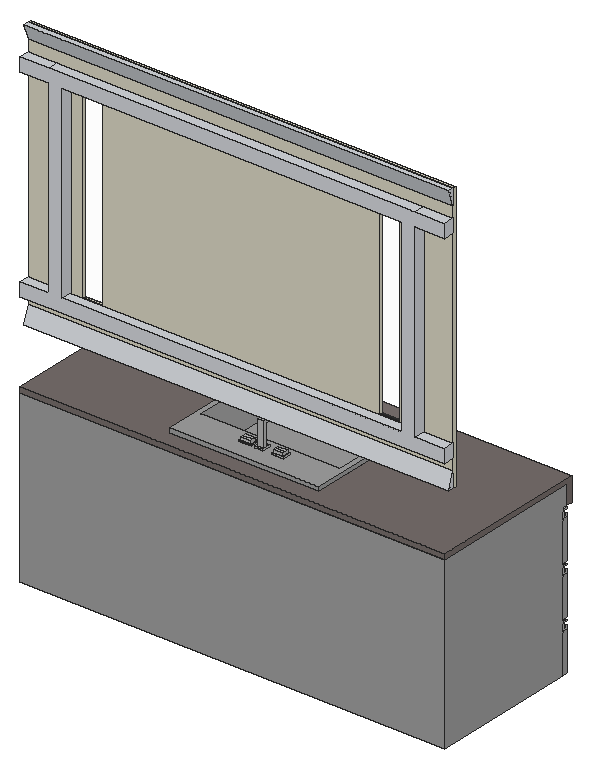
Revit family
Parameters
  Assembly Code = ""
Reference planes (m)
  plane 1 "começo móvel / parede": y = 0
  plane 2: z = 0
  plane 3 "Center (Left/Right)": x = 0
  plane 4 "direita": x = 0.79
  plane 5 "esquerda": x = -0.79
  plane 6 "fim granito": y = 0.59
  plane 7 "começo elevação": z = 0.2
  plane 8 "base granito": z = 0.76
  plane 9 "topo granito": z = 0.85
  plane 10 "fim elevação": z = 0.83
  plane 11 "fim móvel": y = 0.57
  plane 12 "fim buraco": x = -0.2635
  plane 13 "começo buraco": x = 0.2635
  plane 14 "começo gaveta": y = 0.55
  plane 15 "base cuba": z = 0.73
  plane 16 "espelho": y = 0.04
  plane 17 "base espelho": z = 1.05
  plane 18 "topo espelho": z = 2.05
Forms (m)
  Extrusion 1, solid, material "branco"
    sketch origin (0.79, 0, 0) x (0, -1, 0) y (0, 0, 1)
      loop
        line (0, 0.2) -> (0, 0.83) -> (-0.57, 0.83) -> (-0.57, 0.76) -> (-0.55, 0.76) -> (-0.55, 0.2) -> (0, 0.2)
    from 0 to 1.58
  Extrusion 2, void
    sketch origin (-0.2635, 0, 0) x (0, 0, -1) y (0, 1, 0)
      loop
        line (-0.76, 0.55) -> (-0.76, 0.037661) -> (-0.22, 0.037661) -> (-0.22, 0.55) -> (-0.76, 0.55)
    from 0 to 0.527
  Extrusion 3, solid, material "branco"
    sketch origin (0.79, 0, 0) x (0, -1, 0) y (0, 0, 1)
      loop
        line (-0.55, 0.574) -> (-0.55, 0.723309) -> (-0.57, 0.723309) -> (-0.57, 0.574) -> (-0.55, 0.574)
      loop
        line (-0.55, 0.387) -> (-0.55, 0.536309) -> (-0.57, 0.536309) -> (-0.57, 0.387) -> (-0.55, 0.387)
      loop
        line (-0.55, 0.2) -> (-0.55, 0.349309) -> (-0.57, 0.349309) -> (-0.57, 0.2) -> (-0.55, 0.2)
    from 0 to 0.527
  Extrusion 4, solid, material "branco"
    sketch origin (-0.263, 0, 0) x (0, -1, 0) y (0, 0, 1)
      loop
        line (-0.55, 0.574) -> (-0.55, 0.723309) -> (-0.57, 0.723309) -> (-0.57, 0.574) -> (-0.55, 0.574)
      loop
        line (-0.55, 0.387) -> (-0.55, 0.536309) -> (-0.57, 0.536309) -> (-0.57, 0.387) -> (-0.55, 0.387)
      loop
        line (-0.55, 0.2) -> (-0.55, 0.349309) -> (-0.57, 0.349309) -> (-0.57, 0.2) -> (-0.55, 0.2)
    from 0 to 0.527
  Extrusion 5, solid, material "metal"
    sketch origin (0.79, 0, 0) x (0, -1, 0) y (0, 0, 1)
      loop
        line (-0.57, 0.349309) -> (-0.55, 0.349309) -> (-0.55, 0.379309) -> (-0.57, 0.379309) -> (-0.57, 0.374309) -> (-0.555, 0.374309) -> (-0.555, 0.354309) -> (-0.565, 0.354309) -> (-0.565, 0.36) -> (-0.57, 0.36) -> (-0.57, 0.354309) -> (-0.57, 0.349309)
      loop
        line (-0.57, 0.536309) -> (-0.55, 0.536309) -> (-0.55, 0.566309) -> (-0.57, 0.566309) -> (-0.57, 0.561309) -> (-0.555, 0.561309) -> (-0.555, 0.541309) -> (-0.565, 0.541309) -> (-0.565, 0.547) -> (-0.57, 0.547) -> (-0.57, 0.541309) -> (-0.57, 0.536309)
      loop
        line (-0.57, 0.723309) -> (-0.55, 0.723309) -> (-0.55, 0.753309) -> (-0.57, 0.753309) -> (-0.57, 0.748309) -> (-0.555, 0.748309) -> (-0.555, 0.728309) -> (-0.565, 0.728309) -> (-0.565, 0.734) -> (-0.57, 0.734) -> (-0.57, 0.728309) -> (-0.57, 0.723309)
    from 0 to 0.527
  Extrusion 6, solid, material "metal"
    sketch origin (-0.263, 0, 0) x (0, -1, 0) y (0, 0, 1)
      loop
        line (-0.57, 0.349309) -> (-0.55, 0.349309) -> (-0.55, 0.379309) -> (-0.57, 0.379309) -> (-0.57, 0.374309) -> (-0.555, 0.374309) -> (-0.555, 0.354309) -> (-0.565, 0.354309) -> (-0.565, 0.36) -> (-0.57, 0.36) -> (-0.57, 0.354309) -> (-0.57, 0.349309)
      loop
        line (-0.57, 0.536309) -> (-0.55, 0.536309) -> (-0.55, 0.566309) -> (-0.57, 0.566309) -> (-0.57, 0.561309) -> (-0.555, 0.561309) -> (-0.555, 0.541309) -> (-0.565, 0.541309) -> (-0.565, 0.547) -> (-0.57, 0.547) -> (-0.57, 0.541309) -> (-0.57, 0.536309)
      loop
        line (-0.57, 0.723309) -> (-0.55, 0.723309) -> (-0.55, 0.753309) -> (-0.57, 0.753309) -> (-0.57, 0.748309) -> (-0.555, 0.748309) -> (-0.555, 0.728309) -> (-0.565, 0.728309) -> (-0.565, 0.734) -> (-0.57, 0.734) -> (-0.57, 0.728309) -> (-0.57, 0.723309)
    from 0 to 0.527
  Extrusion 7, solid, material "branco"
    sketch origin (-0.005, 0.575, 0.85) x (1, 0, 0) y (0, 1, 0)
      loop
        line (0.28, -0.515) -> (0.28, -0.06) -> (-0.275, -0.06) -> (-0.275, -0.515) -> (0.28, -0.515)
      loop
        line (0.265, -0.395) -> (0.265, -0.075) -> (-0.26, -0.075) -> (-0.26, -0.395) -> (0.265, -0.395)
    from 0 to 0.015
  Blend 8, solid, material "branco"
    base sketch origin (0, 0, 0.73) x (-1, 0, 0) y (0, -1, 0)
      loop
        line (0.245, -0.48) -> (0.245, -0.18) -> (-0.24, -0.18) -> (-0.24, -0.48) -> (0.245, -0.48)
    top sketch origin (0, 0, 0.73) x (-1, 0, 0) y (0, -1, 0)
      loop
        line (0.28, -0.515) -> (0.28, -0.18) -> (-0.275, -0.18) -> (-0.275, -0.515) -> (0.28, -0.515)
    from 0 to 0.135
  Blend 9, void
    base sketch origin (0, 0, 0.73) x (-1, 0, 0) y (0, -1, 0)
      loop
        line (0.245, -0.48) -> (0.245, -0.18) -> (-0.24, -0.18) -> (-0.24, -0.48) -> (0.245, -0.48)
    top sketch origin (0, 0, 0.73) x (-1, 0, 0) y (0, -1, 0)
      loop
        line (0.265, -0.5) -> (0.265, -0.18) -> (-0.26, -0.18) -> (-0.26, -0.5) -> (0.265, -0.5)
    from 0 to 0.156598
  Extrusion 10, solid, material "metal 2"
    sketch origin (0, 0, 0.83) x (-1, 0, 0) y (0, -1, 0)
      loop
        line (-0.79, 0) -> (-0.79, -0.59) -> (0.79, -0.59) -> (0.79, 0) -> (-0.79, 0)
      loop
        line (-0.275, -0.18) -> (-0.275, -0.515) -> (0.28, -0.515) -> (0.28, -0.18) -> (-0.275, -0.18)
    from 0 to 0.02
  Extrusion 11, solid, material "metal 2"
    sketch origin (0.79, 0, 0) x (0, -1, 0) y (0, 0, 1)
      loop
        line (-0.57, 0.76) -> (-0.57, 0.83) -> (-0.59, 0.83) -> (-0.59, 0.76) -> (-0.57, 0.76)
    from 0 to 1.58
  Extrusion 12, solid, material "branco"
    sketch origin (0.79, 0, 0) x (0, -1, 0) y (0, 0, 1)
      loop
        line (-0.092831, 0.738544) -> (-0.482215, 0.738544) -> (-0.48, 0.73) -> (-0.095049, 0.73) -> (-0.092831, 0.738544)
    from 0.547996 to 1.034951
  Extrusion 13, solid, material "metal"
    sketch origin (0, 0.03, 0.85) x (-1, 0, 0) y (0, -1, 0)
      loop
        line (0, -0.095) -> (-0.015, -0.095) -> (-0.015, -0.125) -> (0.015, -0.125) -> (0.015, -0.095) -> (0, -0.095)
      loop
        line (0.06, -0.095) -> (0.029551, -0.095) -> (0.029551, -0.125) -> (0.075, -0.125) -> (0.075, -0.095) -> (0.06, -0.095)
      loop
        line (-0.06, -0.095) -> (-0.090072, -0.095) -> (-0.090072, -0.125) -> (-0.045, -0.125) -> (-0.045, -0.095) -> (-0.06, -0.095)
    from 0.015 to 0.02
  Extrusion 14, solid, material "metal"
    sketch origin (-0.01, 0.03, 0) x (0, 1, 0) y (0, 0, 1)
      loop
        line (0.103, 0.96) -> (0.103, 0.87) -> (0.113, 0.87) -> (0.113, 0.95) -> (0.186548, 0.95) -> (0.186548, 0.96) -> (0.103, 0.96)
    from 0 to 0.02
  Extrusion 15, solid, material "metal"
    sketch origin (0.05, 0, 0) x (0, 1, 0) y (0, 0, 1)
      loop
        line (0.138, 0.88) -> (0.128027, 0.88)
        arc (0.128027, 0.88) -> (0.129027, 0.875) -> (0.128027, 0.87) r 0.013
        line (0.128027, 0.87) -> (0.150489, 0.87)
        arc (0.150489, 0.87) -> (0.149489, 0.875) -> (0.150489, 0.88) r 0.013
        line (0.150489, 0.88) -> (0.138, 0.88)
    from 0 to 0.035
  Extrusion 16, solid, material "metal"
    sketch origin (-0.07, 0, 0) x (0, 1, 0) y (0, 0, 1)
      loop
        line (0.138, 0.88) -> (0.128027, 0.88)
        arc (0.128027, 0.88) -> (0.129027, 0.875) -> (0.128027, 0.87) r 0.013
        line (0.128027, 0.87) -> (0.150489, 0.87)
        arc (0.150489, 0.87) -> (0.149489, 0.875) -> (0.150489, 0.88) r 0.013
        line (0.150489, 0.88) -> (0.138, 0.88)
    from 0 to 0.035
  Extrusion 17, solid, material "espelho"
    sketch origin (0, 0.04, 0) x (0, 0, -1) y (-1, 0, 0)
      loop
        line (-2.05, -0.79) -> (-1.05, -0.79) -> (-1.05, 0.79) -> (-2.05, 0.79) -> (-2.05, -0.79)
      loop
        line (-1.2, 0.59) -> (-1.9, 0.59) -> (-1.9, 0.515) -> (-1.2, 0.515) -> (-1.2, 0.59)
      loop
        line (-1.2, -0.59) -> (-1.2, -0.515) -> (-1.9, -0.515) -> (-1.9, -0.59) -> (-1.2, -0.59)
    from 0 to 0.01
  Extrusion 18, solid
    sketch origin (0, 0, 0) x (1, 0, 0) y (0, 0, 1)
      loop
        line (0.79, 1.9) -> (0.79, 1.95) -> (0.68, 1.95) -> (-0.685, 1.95) -> (-0.79, 1.95) -> (-0.79, 1.9) -> (-0.685, 1.9) -> (-0.685, 1.2) -> (-0.79, 1.2) -> (-0.79, 1.15) -> (-0.685, 1.15) -> (0.68, 1.15) -> (0.79, 1.15) -> (0.79, 1.2) -> (0.68, 1.2) -> (0.68, 1.9) -> (0.79, 1.9)
      loop
        line (-0.635, 1.9) -> (-0.635, 1.2) -> (0.63, 1.2) -> (0.63, 1.9) -> (-0.635, 1.9)
    from 0 to -0.04
  Extrusion 19, solid, material "painel fosco"
    sketch origin (0, 0.04, 0) x (0, 0, -1) y (-1, 0, 0)
      loop
        line (-1.9, -0.59) -> (-1.2, -0.59) -> (-1.2, -0.515) -> (-1.9, -0.515) -> (-1.9, -0.59)
      loop
        line (-1.9, 0.515) -> (-1.2, 0.515) -> (-1.2, 0.59) -> (-1.9, 0.59) -> (-1.9, 0.515)
    from 0 to 0.01
  Extrusion 20, solid
    sketch origin (0.79, 0, 0) x (0, -1, 0) y (0, 0, 1)
      loop
        line (-0.04, 2.05) -> (-0.04, 1.991108) -> (-0.017393, 2.05) -> (-0.04, 2.05)
      loop
        line (-0.017393, 1.05) -> (-0.04, 1.108892) -> (-0.04, 1.05) -> (-0.017393, 1.05)
    from 0 to 1.58
Cuts and joins
  Extrusion 2, Blend 9 cuts Extrusion 1
  Blend 9 cuts Extrusion 7
  Blend 9 cuts Blend 8
  joined: Extrusion 1, Extrusion 7, Blend 8
  joined: Extrusion 10, Extrusion 11
Dimensions and locks (m)
  aligned and locked: level to plane 2
